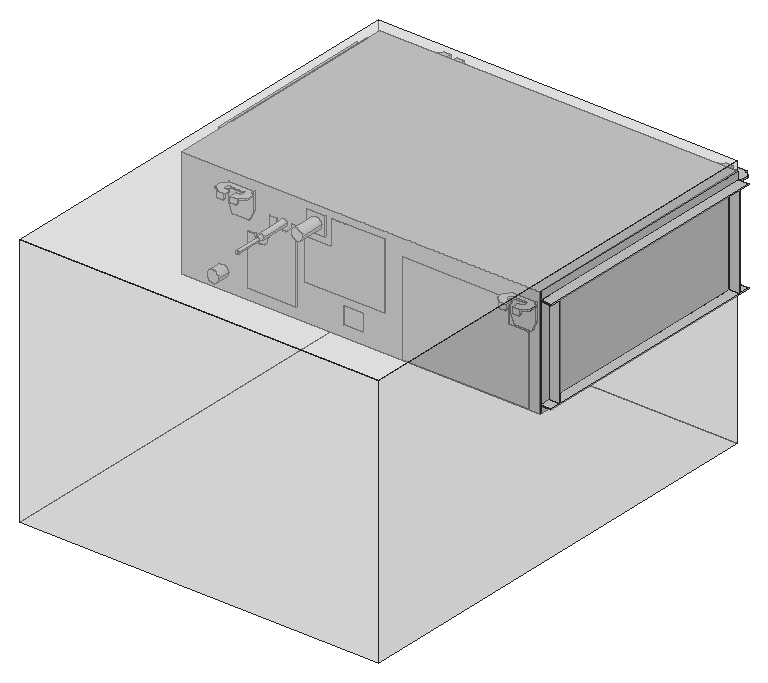
Revit family "outputfile", category 機械設備, Revit 2024
Family settings
  丸型コネクタ寸法 = 半径を使用
  パーツ タイプ = 標準
  OmniClass 番号 = 23.75.10.24.21.27.27
  OmniClass タイトル = Split System Air Conditioning Units
  作業面ベース = いいえ
  常に垂直 = はい
  ロード時にボイドで切り取り = いいえ
  注釈の向きを維持 = いいえ
  共有 = いいえ
  部屋計算ポイント = はい
Parameters (values of type "FXSQ25PAV4")
  Description = ""
  製造元 = "Daikin"
  書き出し IFC クラス(タイプ) = "IfcUnitaryEquipmentType"
  定義済み IFC タイプ(タイプ) = "AIRCONDITIONINGUNIT"
  Cost = 0
  モデル = "FXSQ25PAV4"
  Type Comments = ""
  Keynote = ""
  Type Image = (empty or 0)
  Assembly Code = ""
  r_Liquid Pipe Size = Liquid Pipe Size / 2  # 3.2 mm
  r_Gas Pipe Size = Gas Pipe Size / 2  # 6.35 mm
  r_Drain Pipe Size = Drain Pipe Size / 2  # 12.5 mm
  lw_power = 770.0 mm  # constant formula
  lh_SA = 138.0 mm  # constant formula
  lw_SA = if(Depth = 550.0 mm, 225.0 mm, if(Depth = 700.0 mm, 300.0 mm, if(Depth = 1000.0 mm, 450.0 mm, if(Depth = 1400.0 mm, 650.0 mm, 725.0 mm))))  # 225.0 mm
  lw_RA = if(Depth = 550.0 mm, 275.0 mm, if(Depth = 700.0 mm, 349.0 mm, if(Depth = 1000.0 mm, 499.0 mm, if(Depth = 1400.0 mm, 699.0 mm, 775.0 mm))))  # 275.0 mm
  lh_power = 60.0 mm + [h***]  # 60.0 mm
  lh_mountinghole1 = lh_mountinghole + [h***]  # 222.0 mm
  lh_RA = 123.0 mm  # constant formula
  ld_power = Depth / 2  # 275.0 mm
  Voltage_comment_60Hz = "220"
  Voltage_comment_50Hz = "220-240"
  Voltage_60Hz = 220 V
  Voltage_50Hz = 220 V
  URL = ""
  Supply Air Direction [instance] = yes
  Sound Power Level_H speed (dB) = 61
  Phase_60Hz = 1
  Phase_50Hz = 1
  Minimum External Static Pressure = 30.00 Pa
  Minimum Circuit Amps_60Hz = 0.8 A
  Minimum Circuit Amps_50Hz = 0.8 A
  Maximum Fuse Amps_60Hz = 16.0 A
  Maximum Fuse Amps_50Hz = 16.0 A
  Maximum External Static Pressure = 150.00 Pa
  Material_Casing = DAIKIN_GalvanizedSteel_Casing_indoorunit
  lw_mountinghole = 630.0 mm  # constant formula
  lh_gaspipe = 183.0 mm + [h***]  # 183.0 mm
  lh_mountinghole = 222.0 mm  # constant formula
  lh_liquidpipe = 136.0 mm + [h***]  # 136.0 mm
  lh_drainpipe = 207.0 mm + [h***]  # 207.0 mm
  lh_antena = Height - lh_mountinghole + 1.0 mm  # 24.0 mm
  ld_drainpipe = Depth / 2 + 53.0 mm  # 328.0 mm
  ld_liquidpipe = Depth / 2 + 69.0 mm  # 344.0 mm
  ld_gaspipe = Depth / 2 + 65.0 mm  # 340.0 mm
  ld_mountinghole = Depth + 38.0 mm  # 588.0 mm
  h*** = 0.0 mm  # constant formula
  lw_liquidpipe = 179.0 mm  # constant formula
  lw_gaspipe = 229.0 mm  # constant formula
  lw_drainpipe = 300.0 mm  # constant formula
  Width = 800.0 mm
  Version = "ver.1.0"
  Unit Type = "Middle Static Pressure Duct Type"
  Unit Mass Weight = 25.00 kg
  Unit Designation [instance] = ""
  Uniclass2015Version = "Products v1.30"
  Uniclass2015Title = "Variable refrigerant flow units"
  Uniclass2015Code = "Pr_70_65_03_94"
  Total Heating Capacity [instance] = 0.000 kW
  Total Cooling Capacity [instance] = 0.000 kW
  Sound Pressure Level_M speed (dBA) = 0
  Sound Pressure Level_L speed (dBA) = 28
  Sound Pressure Level_H speed (dBA) = 33
  Series = "VRV Fan Coil Unit"
  Sensible Cooling Capacity [instance] = 0.000 kW
  SA Duct Size Width = if(Depth = 550.0 mm, 337.0 mm, if(Depth = 700.0 mm, 492.0 mm, if(Depth = 1000.0 mm, 792.0 mm, if(Depth = 1400.0 mm, 1192.0 mm, 1337.0 mm))))  # 337.0 mm
  SA Duct Size Height = 176.0 mm
  Refrigerant Type = "R410A"
  RA Duct Size Width = if(Depth = 550.0 mm, 502.0 mm, if(Depth = 700.0 mm, 654.0 mm, if(Depth = 1000.0 mm, 952.0 mm, if(Depth = 1400.0 mm, 1352.0 mm, 1502.0 mm))))  # 502.0 mm
  RA Duct Size Height = 208.0 mm
  Power Input (Heating) = 0.099 kW
  Power Input (Cooling) = 0.104 kW
  Option Accessory 3 [instance] = ""
  Option Accessory 2 [instance] = ""
  Option Accessory 1 [instance] = ""
  Nominal Heating Capacity = 3.200 kW
  Nominal Cooling Capacity = 2.800 kW
  Minimum Airflow = 390.00 m³/h
  Median Airflow = 450.00 m³/h
  Maximum Airflow = 540.00 m³/h
  Load Classification = HVAC
  Liquid Pipe Size = 6.4 mm
  Link_Nested Family [instance] = ""
  IfcVersion = "0"
  IfcExportType = "AIRCONDITIONINGUNIT"
  IfcExportAs = "IfcUnitaryEquipmentType"
  Height = 245.0 mm
  Heating Entering Wet Bulb Temperature [instance] = 0.00 °C
  Heating Entering Dry Bulb Temperature [instance] = 0.00 °C
  Heating Ambient Wet Bulb Temperature [instance] = 0.00 °C
  Heating Ambient Dry Bulb Temperature [instance] = 0.00 °C
  Heat Exchanger Type = "Cross Fin Coil"
  Gas Pipe Size = 12.7 mm
  Frequency_60Hz = 60 Hz
  Frequency_50Hz = 50 Hz
  Fan Type = "Sirocco Fan"
  Fan Drive = "Direct Drive"
  FCU Tag No. [instance] = ""
  Drain Pipe Size = 25.0 mm
  Design Supply Airflow [instance] = 0.00 m³/h
  Design Return Airflow [instance] = 0.00 m³/h
  Design External Static Pressure [instance] = 0.00 Pa
  Depth = 550.0 mm
  既定の高さ = 0.0 mm
  Cooling Entering Wet Bulb Temperature [instance] = 0.00 °C
  Cooling Entering Dry Bulb Temperature [instance] = 0.00 °C
  Cooling Ambient Wet Bulb Temperature [instance] = 0.00 °C
  Cooling Ambient Dry Bulb Temperature [instance] = 0.00 °C
  Clearance visibility [instance] = yes
  Clearance Top = 20.0 mm
  Clearance Right = 0.0 mm
  Clearance Rear = 0.0 mm
  Clearance Left = 0.0 mm
  Clearance Front = 450.0 mm
  Clearance Bottom = 300.0 mm
Reference planes
  plane 1 "Center (Front/Back)": y = 0
  plane 2 "h": z = 0
  plane 3 "Center (Left/Right)": x = 0
  plane 4 "Back": y = 275
  plane 5 "Front": y = -275
  plane 6 "Left": x = -400
  plane 7 "Reight": x = 400
  plane 8 "Top": z = 0
  plane 9 "Bottom": z = -245
  plane 10: y = -215
  plane 11: y = 275
  plane 12: y = -725
  plane 13: x = -400
  plane 14: x = 400
  plane 15: z = 20
  plane 16: z = -545
  plane 17: x = -400
  plane 18: x = -399
  plane 19: x = 399
  plane 20: y = 50
  plane 21: y = 0
  plane 22: z = -122
  plane 23: y = -276
  plane 24: z = -109
  plane 25: x = -221
  plane 26: y = -340
  plane 27: z = -62
  plane 28: x = -171
  plane 29: y = -328
  plane 30: z = -38
  plane 31: x = -100
  plane 32: x = -100
  plane 33: x = -221
  plane 34: x = -171
  plane 35: x = 370
  plane 36: x = -266
  plane 37: x = 364
  plane 38: y = -294
  plane 39: y = 294
  plane 40: z = -23
  plane 41: z = -107
  plane 42: y = -344
  plane 43: z = -207
  plane 44: x = -309
  plane 45: y = -301
  plane 46: x = -251
  plane 47: x = -203
  plane 48: x = -144
  plane 49: z = -59
  plane 50: z = -106
  plane 51: z = -221
  plane 52: z = -109
  plane 53: x = -221
  plane 54: z = -62
  plane 55: x = -171
  plane 56: z = -17
  plane 57: z = -59
  plane 58: x = -121
  plane 59: x = -79
  plane 60: x = -125
  plane 61: x = -64
  plane 62: x = 53
  plane 63: z = -164
  plane 64: z = -73
  plane 65: z = -16
  plane 66: x = 93.5
  plane 67: x = 374.5
  plane 68: x = 330
  plane 69: z = -88.5
  plane 70: z = -38
  plane 71: z = -242.5
  plane 72: x = -38.5
  plane 73: x = 6.5
  plane 74: z = -181
  plane 75: z = -221
  plane 76: y = -274
  plane 77: x = -424
  plane 78: x = 424
Forms (mm)
  Extrusion 1, solid, material "DAIKIN_GalvanizedSteel_Casing_indoorunit" <- "Material_Casing"
    sketch origin (0, 0, 0) x (1, 0, 0) y (0, 1, 0)
      loop
        line (-399, 275) -> (-399, -275) -> (399, -275) -> (399, 275) -> (-399, 275)
    from -245 to 0
  Extrusion 2, solid, material "DAIKIN_GalvanizedSteel_Casing_indoorunit" <- "Material_Casing"
    sketch origin (0, 0, 0) x (1, 0, 0) y (0, 0, 1)
      loop
        line (-251, -221) -> (-144, -221) -> (-144, -59) -> (-154.47, -59)
        arc (-154.47, -59) -> (-171, -78.8) -> (-187.53, -59) r 16.8
        line (-187.53, -59) -> (-203, -59) -> (-203, -106) -> (-206.916, -106)
        arc (-206.916, -106) -> (-221, -123.4) -> (-235.084, -106) r 14.4
        line (-235.084, -106) -> (-251, -106) -> (-251, -221)
    from 275 to 276
  Extrusion 3, solid, material "DAIKIN_GalvanizedSteel_Casing_indoorunit" <- "Material_Casing"
    sketch origin (0, 0, 0) x (1, 0, 0) y (0, 0, 1)
      loop
        line (-121, -17) -> (-121, -59) -> (-79, -59) -> (-79, -17) -> (-121, -17)
      loop
        line (-125, -73) -> (-125, -164) -> (53, -164) -> (53, -16) -> (-64, -16) -> (-64, -73) -> (-125, -73)
    from 275 to 276
  Extrusion 4, solid, material "DAIKIN_GalvanizedSteel_Casing_indoorunit" <- "Material_Casing"
    sketch origin (0, 0, 0) x (1, 0, 0) y (0, 0, 1)
      loop
        line (93.5, -38) -> (93.5, -242.5) -> (374.5, -242.5) -> (374.5, -88.5) -> (330, -88.5) -> (330, -38) -> (93.5, -38)
    from 275 to 276
  Extrusion 5, solid
    sketch origin (0, 0, 0) x (1, 0, 0) y (0, 0, 1)
      loop
        circle (-221, -109) r 3.2
    from 275 to 344
  Extrusion 6, solid
    sketch origin (0, 0, 0) x (1, 0, 0) y (0, 0, 1)
      loop
        circle (-171, -62) r 6.35
    from 275 to 340
  Extrusion 7, solid
    sketch origin (0, 0, 0) x (1, 0, 0) y (0, 0, 1)
      loop
        circle (-100, -38) r 12.5
    from 276 to 328
  Extrusion 8, solid, material "DAIKIN_GalvanizedSteel_Casing_indoorunit" <- "Material_Casing"
    sketch origin (0, 0, 0) x (1, 0, 0) y (0, 0, 1)
      loop
        circle (-309, -207) r 13
    from 275 to 301
  Extrusion 9, void
    sketch origin (0, 0, 0) x (1, 0, 0) y (0, 0, 1)
      loop
        line (-38.5, -181) -> (-38.5, -221) -> (6.5, -221) -> (6.5, -181) -> (-38.5, -181)
    from 274 to 275
Cuts and joins
  Extrusion 9 cuts Extrusion 1
Dimensions and locks
  "Height": plane 8 "Top" to plane 9 "Bottom"
  equal spacing: plane 4 "Back", plane 1 "Center (Front/Back)", plane 5 "Front"
  "Depth": plane 4 "Back" to plane 5 "Front"
  equal spacing: plane 6 "Left", plane 3 "Center (Left/Right)", plane 7 "Reight"
  "Width": plane 6 "Left" to plane 7 "Reight"
  "Clearance Left": plane 13 to plane 6 "Left"
  "Clearance Right": plane 7 "Reight" to plane 14
  "Clearance Rear": plane 11 to plane 4 "Back"
  "Clearance Front": plane 5 "Front" to plane 12
  "Clearance Top": plane 15 to plane 8 "Top"
  "Clearance Bottom": plane 9 "Bottom" to plane 16
  locked: plane 17 to plane 18 at 1
  locked: plane 19 to plane 14 at 1
  "lw_SA": plane 11 to plane 20
  "lw_RA": plane 21 to plane 5 "Front"
  "lh_RA": plane 22 to plane 9 "Bottom"
  locked: plane 5 "Front" to plane 23 at 1
  "lw_liquidpipe": plane 25 to plane 6 "Left"
  "lh_liquidpipe": plane 24 to plane 9 "Bottom"
  "lh_gaspipe": plane 27 to plane 9 "Bottom"
  "lw_gaspipe": plane 28 to plane 6 "Left"
  "ld_gaspipe": plane 26 to plane 1 "Center (Front/Back)"
  "ld_drainpipe": plane 29 to plane 1 "Center (Front/Back)"
  "lh_drainpipe": plane 30 to plane 9 "Bottom"
  "lw_drainpipe": plane 31 to plane 6 "Left"
  "lw_drainpipe": plane 6 "Left" to plane 32
  "lw_liquidpipe": plane 6 "Left" to plane 33
  "lw_gaspipe": plane 6 "Left" to plane 34
  "lw_power": plane 6 "Left" to plane 35
  locked: plane 17 to plane 36 at 134
  "lw_mountinghole": plane 36 to plane 37
  equal spacing: plane 38, plane 1 "Center (Front/Back)", plane 39
  "ld_mountinghole": plane 39 to plane 38
  "lh_mountinghole": plane 40 to plane 9 "Bottom"
  "lh_SA": plane 41 to plane 9 "Bottom"
  "ld_liquidpipe": plane 21 to plane 42
  locked: plane 44 to plane 6 "Left" at 91
  locked: plane 43 to plane 9 "Bottom" at 38
  locked: plane 5 "Front" to plane 45 at 26
  plane 48 to plane 47 to plane 46 to plane 6 "Left" = 59.0 mm, 48.0 mm, 149.0 mm
  plane 8 "Top" to plane 49 to plane 50 to plane 51 = 59.0 mm locked, 47.0 mm locked, 115.0 mm locked
  plane 55 to plane 53 to plane 6 "Left" = 50.0 mm locked, 179.0 mm locked
  plane 54 to plane 52 to plane 9 "Bottom" = 47.0 mm locked, 136.0 mm locked
  plane 59 to plane 58 to plane 6 "Left" = 42.0 mm locked, 279.0 mm locked
  plane 8 "Top" to plane 56 to plane 57 = 17.0 mm locked, 42.0 mm locked
  plane 62 to plane 61 to plane 60 to plane 6 "Left" = 117.0 mm, 61.0 mm, 275.0 mm
  plane 8 "Top" to plane 65 to plane 64 = 16.0 mm locked, 57.0 mm locked
  locked: plane 65 to plane 63 at 148
  plane 8 "Top" to plane 70 to plane 69 to plane 71 = 38.0 mm locked, 50.5 mm locked, 154.0 mm locked
  plane 67 to plane 68 to plane 66 to plane 6 "Left" = 44.5 mm locked, 236.5 mm locked, 493.5 mm locked
  plane 8 "Top" to plane 74 to plane 75 = 181.0 mm locked, 40.0 mm locked
  plane 73 to plane 72 to plane 6 "Left" = 45.0 mm, 361.5 mm
  locked: plane 76 to plane 5 "Front" at 1
  locked: plane 77 to plane 17 at 24
  locked: plane 14 to plane 78 at 24
  locked: Extrusion 4 sketch curve to plane 9 "Bottom" at 2.5
  "r_Liquid Pipe Size": radius of Extrusion 5 sketch curve
  "r_Gas Pipe Size": radius of Extrusion 6 sketch curve
  "r_Drain Pipe Size": radius of Extrusion 7 sketch curve
  aligned and locked: level to plane 2 "h"
  aligned and locked: plane 8 "Top" to Extrusion 1
  aligned and locked: Extrusion 1 to plane 9 "Bottom"
  aligned and locked: nested 5 to plane 12
  aligned and locked: plane 13 to nested 5
  aligned and locked: plane 14 to nested 5
  aligned and locked: nested 5 to plane 13
  aligned and locked: plane 11 to nested 5
  aligned and locked: plane 15 to nested 5
  aligned and locked: plane 16 to nested 5
  aligned and locked: plane 5 "Front" to Extrusion 1 sketch curve
  aligned and locked: Extrusion 1 to plane 18
  aligned and locked: plane 19 to Extrusion 1
  aligned and locked: nested 7 to plane 18
  aligned and locked: nested 7 to plane 20
  aligned and locked: plane 19 to nested 8
  aligned and locked: plane 21 to nested 8
  aligned and locked: plane 22 to nested 8
  aligned and locked: Extrusion 2 to plane 23
  aligned and locked: plane 5 "Front" to Extrusion 2
  aligned and locked: Extrusion 3 to plane 23
  aligned and locked: plane 5 "Front" to Extrusion 3
  aligned and locked: plane 5 "Front" to Extrusion 4
  aligned and locked: Extrusion 5 sketch curve to plane 25
  aligned and locked: plane 24 to Extrusion 5 sketch curve
  aligned and locked: plane 5 "Front" to Extrusion 5
  aligned and locked: Extrusion 6 sketch curve to plane 28
  aligned and locked: plane 27 to Extrusion 6 sketch curve
  aligned and locked: plane 5 "Front" to Extrusion 6
  aligned and locked: Extrusion 7 sketch curve to plane 31
  aligned and locked: Extrusion 7 sketch curve to plane 30
  aligned and locked: Extrusion 7 to plane 29
  aligned and locked: plane 23 to Extrusion 7
  aligned and locked: nested 3 to plane 29
  aligned and locked: plane 32 to nested 3
  aligned and locked: nested 2 to plane 33
  aligned and locked: nested 1 to plane 34
  aligned and locked: Extrusion 6 to plane 26
  aligned and locked: nested 1 to plane 26
  aligned and locked: nested 6 to plane 5 "Front"
  aligned and locked: plane 35 to nested 6
  aligned and locked: plane 36 to nested 10
  aligned and locked: nested 10 to plane 5 "Front"
  aligned and locked: plane 37 to nested 9
  aligned and locked: nested 9 to plane 5 "Front"
  aligned and locked: nested 11 to plane 36
  aligned and locked: plane 4 "Back" to nested 11
  aligned and locked: nested 12 to plane 37
  aligned and locked: plane 4 "Back" to nested 12
  aligned and locked: plane 40 to nested 10
  aligned and locked: plane 40 to nested 11
  aligned and locked: plane 40 to nested 9
  aligned and locked: plane 40 to nested 12
  aligned and locked: plane 36 to nested 14
  aligned and locked: nested 14 to plane 39
  aligned and locked: plane 37 to nested 13
  aligned and locked: nested 13 to plane 39
  aligned and locked: plane 37 to nested 16
  aligned and locked: plane 38 to nested 16
  aligned and locked: plane 38 to nested 15
  aligned and locked: plane 36 to nested 15
  aligned and locked: plane 17 to plane 6 "Left"
  aligned and locked: plane 41 to nested 7
  aligned and locked: Extrusion 5 to plane 42
  aligned and locked: nested 2 to plane 42
  aligned and locked: Extrusion 8 sketch curve to plane 44
  aligned and locked: plane 43 to Extrusion 8 sketch curve
  aligned and locked: plane 5 "Front" to Extrusion 8
  aligned and locked: plane 45 to Extrusion 8
  aligned and locked: Extrusion 3 sketch curve to plane 56
  aligned and locked: Extrusion 3 sketch curve to plane 58
  aligned and locked: plane 57 to Extrusion 3 sketch curve
  aligned and locked: plane 59 to Extrusion 3 sketch curve
  aligned and locked: Extrusion 4 to plane 23
  aligned and locked: Extrusion 9 sketch curve to plane 74
  aligned and locked: plane 75 to Extrusion 9 sketch curve
  aligned and locked: plane 73 to Extrusion 9 sketch curve
  aligned and locked: plane 5 "Front" to Extrusion 9
  aligned and locked: plane 76 to Extrusion 9
  aligned and locked: nested 17 to plane 20
  aligned and locked: nested 17 to plane 77
  aligned and locked: plane 21 to nested 18
  aligned and locked: plane 78 to nested 18
  aligned and locked: plane 41 to nested 17
  aligned and locked: nested 18 to plane 22
  aligned and locked: nested 4 to plane 3 "Center (Left/Right)"
  aligned and locked: plane 1 "Center (Front/Back)" to nested 4
  aligned and locked: level to plane 8 "Top"
Automatic sketch dimensions
  plane 6 "Left" to Extrusion 1 sketch curve = 1.0 mm
  Extrusion 1 sketch curve to plane 7 "Reight" = 1.0 mm
  Extrusion 1 sketch curve to plane 4 "Back" = 0.0 mm
  Extrusion 2 sketch curve to plane 46 = 0.0 mm
  Extrusion 2 sketch curve to plane 33 = 0.0 mm
  Extrusion 2 sketch curve to plane 47 = 0.0 mm
  Extrusion 2 sketch curve to plane 34 = 0.0 mm
  Extrusion 2 sketch curve to plane 48 = 0.0 mm
  Extrusion 2 sketch curve to plane 52 = 0.0 mm
  Extrusion 2 sketch curve to plane 50 = 0.0 mm  (x3)
  Extrusion 2 sketch curve to plane 54 = 0.0 mm
  Extrusion 2 sketch curve to plane 49 = 0.0 mm  (x3)
  plane 33 to Extrusion 2 sketch curve = 14.084 mm
  plane 34 to Extrusion 2 sketch curve = 16.53 mm
  Extrusion 3 sketch curve to plane 60 = 0.0 mm
  Extrusion 3 sketch curve to plane 61 = 0.0 mm
  Extrusion 3 sketch curve to plane 62 = 0.0 mm
  Extrusion 3 sketch curve to plane 64 = 0.0 mm
  Extrusion 3 sketch curve to plane 65 = 0.0 mm
  Extrusion 4 sketch curve to plane 66 = 0.0 mm
  Extrusion 4 sketch curve to plane 68 = 0.0 mm
  Extrusion 4 sketch curve to plane 67 = 0.0 mm
  Extrusion 4 sketch curve to plane 69 = 0.0 mm
  Extrusion 4 sketch curve to plane 70 = 0.0 mm
  Extrusion 9 sketch curve to plane 72 = 0.0 mm
  Extrusion 2 sketch curve to plane 51 = 0.0 mm
  Extrusion 3 sketch curve to plane 63 = 0.0 mm
  radius of Extrusion 8 sketch curve = 13.0 mm
Nested families
  nested 1: "daikin_connector_rotate2" at (-171, 0, -62), length <- "ld_gaspipe", built-in parameter 1001364 <- "lh_gaspipe", radius <- "r_Gas Pipe Size", type "daikin_connector_rotate2"
    with radius 6.35 mm, length 340.0 mm, angle_vertical 90.00°
  nested 2: "daikin_connector_rotate2" at (-221, 0, -109), length <- "ld_liquidpipe", built-in parameter 1001364 <- "lh_liquidpipe", radius <- "r_Liquid Pipe Size", type "daikin_connector_rotate2"
    with radius 3.2 mm, length 344.0 mm, angle_vertical 90.00°
  nested 3: "daikin_connector_rotate2" at (-100, 0, -38), length <- "ld_drainpipe", built-in parameter 1001364 <- "lh_drainpipe", radius <- "r_Drain Pipe Size", type "daikin_connector_rotate2"
    with radius 12.5 mm, length 328.0 mm, angle_vertical 90.00°
  nested 4: "daikin_△_symbolicline" at (0, 0, 245) x (0, -1, 0) z (0, 0, 1), built-in parameter 1001364 <- "Height", visible <- "Supply Air Direction", type "daikin_△_symbolicline"
    with length 200.0 mm
  nested 5: "daikin_clearancespace" at (0, -225, -262.381), visible <- "Clearance visibility", show <- "Clearance visibility", Link_Nested Family <- "Link_Nested Family", type "daikin_clearancespace"
    with width 800.0 mm, show yes, height 565.0 mm, depth 1000.0 mm, Link_Nested Family ""
  nested 6: "daikin_connector_rotate2" at (370, 0, -185), built-in parameter 1001364 <- "lh_power", length <- "ld_power", type "daikin_connector_rotate2"
    with radius 10.0 mm, length 275.0 mm, angle_vertical 90.00°
  nested 7: "daikin_ductflange_FXSQ-PAV4_2" at (-399, 50, -107) x (0, -1, 0) z (0, 0, 1), type "daikin_ductflange_FXSQ-PAV4_2"
  nested 8: "daikin_ductflange_FXSQ-PAV4_1" at (399, 0, -122) x (0, 1, 0) z (0, 0, 1), type "daikin_ductflange_FXSQ-PAV4_1"
  nested 9: "daikin_hangerfixture_FXSQ-PAV4" at (364, -275, -23), type "daikin_hangerfixture_FXSQ-PAV4"
  nested 10: "daikin_hangerfixture_FXSQ-PAV4" at (-266, -275, -23), type "daikin_hangerfixture_FXSQ-PAV4"
  nested 11: "daikin_hangerfixture_FXSQ-PAV4" at (-266, 275, -23) x (-1, 0, 0) z (0, 0, 1), type "daikin_hangerfixture_FXSQ-PAV4"
  nested 12: "daikin_hangerfixture_FXSQ-PAV4" at (364, 275, -23) x (-1, 0, 0) z (0, 0, 1), type "daikin_hangerfixture_FXSQ-PAV4"
  nested 13: "daikin_mountinghole" at (364, 294, -245), h_mountinghole <- "lh_mountinghole1", l_antenna <- "lh_antena", Link_Nested Family <- "Link_Nested Family", type "daikin_mountinghole"
    with show yes, l_antenna 24.0 mm, h_mountinghole 222.0 mm, Link_Nested Family ""
  nested 14: "daikin_mountinghole" at (-266, 294, -245), h_mountinghole <- "lh_mountinghole1", l_antenna <- "lh_antena", Link_Nested Family <- "Link_Nested Family", type "daikin_mountinghole"
    with show yes, l_antenna 24.0 mm, h_mountinghole 222.0 mm, Link_Nested Family ""
  nested 15: "daikin_mountinghole" at (-266, -294, -245), h_mountinghole <- "lh_mountinghole1", l_antenna <- "lh_antena", Link_Nested Family <- "Link_Nested Family", type "daikin_mountinghole"
    with show yes, l_antenna 24.0 mm, h_mountinghole 222.0 mm, Link_Nested Family ""
  nested 16: "daikin_mountinghole" at (364, -294, -245), h_mountinghole <- "lh_mountinghole1", l_antenna <- "lh_antena", Link_Nested Family <- "Link_Nested Family", type "daikin_mountinghole"
    with show yes, l_antenna 24.0 mm, h_mountinghole 222.0 mm, Link_Nested Family ""
  nested 17: "daikin_connector_rotate2" at (-400, 50, -107) x (0, -1, 0) z (0, 0, 1), type "daikin_connector_rotate2"
    with radius 10.0 mm, length 24.0 mm, angle_vertical 90.00°
  nested 18: "daikin_connector_rotate2" at (400, 0, -122) x (0, 1, 0) z (0, 0, 1), type "daikin_connector_rotate2"
    with radius 10.0 mm, length 24.0 mm, angle_vertical 90.00°
Connectors
  piping at (-100, -328, -38), diameter 25, driven by "r_Drain Pipe Size"
    settings: on nested 3, index 3, connector inside diameter 609.6 mm, connector length 0.0 mm, flow factor 0, pipe flow 0.00 m³/h, pressure drop 0.0 Pa, fitting loss kfactor 0, connector angle 0.00°, fixture units 0, engagement length 0.0 mm, angle of deflection 0.00°, flow configuration 1, flow direction 2, fitting loss method 4, system type 16, joint type 0, gender type 0, connector reference index -1, connector utility 0, adjustable connector no, is connector primary yes, connector description "Condensate Drain Piping"
  piping at (-171, -340, -62), diameter 12.7, driven by "r_Gas Pipe Size"
    settings: on nested 1, index 4, connector inside diameter 609.6 mm, connector length 0.0 mm, flow factor 0, pipe flow 0.00 m³/h, pressure drop 0.0 Pa, fitting loss kfactor 0, connector angle 0.00°, fixture units 0, engagement length 0.0 mm, angle of deflection 0.00°, flow configuration 1, flow direction 2, fitting loss method 0, system type 29, joint type 0, gender type 0, connector reference index -1, connector utility 0, adjustable connector no, is connector primary no, connector description "Refrigerant Gas Piping"
  piping at (-221, -344, -109), diameter 6.4, driven by "r_Liquid Pipe Size"
    settings: on nested 2, index 5, connector inside diameter 609.6 mm, connector length 0.0 mm, flow factor 0, pipe flow 0.00 m³/h, pressure drop 0.0 Pa, fitting loss kfactor 0, connector angle 0.00°, fixture units 0, engagement length 0.0 mm, angle of deflection 0.00°, flow configuration 1, flow direction 1, fitting loss method 0, system type 29, joint type 0, gender type 0, connector reference index -1, connector utility 0, adjustable connector no, is connector primary no, connector description "Refrigerant Liquid Piping"
  electrical at (370, -275, -185), driven by "Load Classification"
    settings: on nested 6, index 6, voltage 0 V, apparent load 0 VA, apparent load phase1 0 VA, apparent load phase2 0 VA, apparent load phase3 0 VA, power factor 1, load classification "HVAC", number of poles 1, system type 30, power factor state 1, is connector primary yes, connector utility no, sub classification motor no, connector description "Power Supply"
  hvac at (-424, 50, -107), driven by "SA Duct Size Height", driven by "SA Duct Size Width"
    settings: on nested 17, index 7, duct flow 0.00 m³/h, flow factor 0, pres drop 0.00 Pa, loss coef 0, conn angle 0.00°, conn width 337.0 mm, conn height 176.0 mm, conn diameter 609.6 mm, duct sys type 1, conn prof type 1, flow config 0, flow direction 2, loss method 4, conn ref index -1, conn util no, is conn primary yes, conn desc "SA Duct"
  hvac at (424, 0, -122), driven by "RA Duct Size Height", driven by "RA Duct Size Width"
    settings: on nested 18, index 8, duct flow 0.00 m³/h, flow factor 0, pres drop 0.00 Pa, loss coef 0, conn angle 0.00°, conn width 502.0 mm, conn height 208.0 mm, conn diameter 609.6 mm, duct sys type 2, conn prof type 1, flow config 0, flow direction 1, loss method 4, conn ref index -1, conn util no, is conn primary no, conn desc "RA Duct"
Definition of nested family "daikin_clearancespace"
  Parameters (values of type "daikin_clearancespace")
    width [instance] = 1823.963 mm
    show [instance] = yes
    material = none
    height [instance] = 1359.762 mm
    depth [instance] = 880.0 mm
    Default Elevation = 0.0 mm
    Link_Nested Family [instance] = ""
  Reference planes
    plane 1 "Center (Front/Back)": y = 0
    plane 2 "Center (Elevation)": z = -0.119
    plane 3 "Center (Left/Right)": x = 0
    plane 4: y = 440
    plane 5: y = -440
    plane 6 "Right": x = 911.982
    plane 7 "Left": x = -911.982
    plane 8 "Top": z = 679.762
    plane 9 "Bottom": z = -680
  Forms (mm)
    Extrusion 1, solid, material <- "material", visible <- "show"
      sketch origin (0, 0, 0) x (1, 0, 0) y (0, 1, 0)
        loop
          line (-911.982, 440) -> (-911.982, -440) -> (911.982, -440) -> (911.982, 440) -> (-911.982, 440)
      from -680 to 679.762
  Lines and regions (mm)
    symbolic lines, visible <- "show"
      curve 1: line (911.982, 440, 0) -> (-911.982, 440, 0)
      curve 2: line (-911.982, 440, 0) -> (-911.982, -440, 0)
      curve 3: line (-911.982, -440, 0) -> (911.982, -440, 0)
      curve 4: line (911.982, -440, 0) -> (911.982, 440, 0)
      curve 5: line (911.982, 0, 679.762) -> (-911.982, 0, 679.762)
      curve 6: line (911.982, 0, -680) -> (911.982, 0, 679.762)
      curve 7: line (-911.982, 0, -680) -> (911.982, 0, -680)
      curve 8: line (-911.982, 0, 679.762) -> (-911.982, 0, -680)
      curve 9: line (0, 440, 679.762) -> (0, -440, 679.762)
      curve 10: line (0, -440, 679.762) -> (0, -440, -680)
      curve 11: line (0, 440, -680) -> (0, 440, 679.762)
      curve 12: line (0, -440, -680) -> (0, 440, -680)
  Dimensions and locks
    "width": plane 7 "Left" to plane 6 "Right"
    "depth": plane 4 to plane 5
    "height": plane 8 "Top" to plane 9 "Bottom"
    equal spacing: plane 7 "Left", plane 3 "Center (Left/Right)", plane 6 "Right"
    equal spacing: plane 4, plane 1 "Center (Front/Back)", plane 5
    equal spacing: plane 8 "Top", plane 2 "Center (Elevation)", plane 9 "Bottom"
    aligned and locked: level to plane 2 "Center (Elevation)"
    aligned and locked: Extrusion 1 sketch curve to plane 4
    aligned and locked: plane 7 "Left" to Extrusion 1 sketch curve
    aligned and locked: Extrusion 1 sketch curve to plane 5
    aligned and locked: Extrusion 1 sketch curve to plane 6 "Right"
    aligned and locked: plane 8 "Top" to Extrusion 1
    aligned and locked: curve 1 to Extrusion 1
    aligned and locked: curve 2 to Extrusion 1
    aligned and locked: curve 3 to Extrusion 1
    aligned and locked: curve 4 to Extrusion 1
    aligned and locked: curve 5 to Extrusion 1
    aligned and locked: curve 6 to Extrusion 1
    aligned and locked: curve 7 to Extrusion 1
    aligned and locked: curve 8 to Extrusion 1
    aligned and locked: curve 9 to Extrusion 1
    aligned and locked: curve 10 to Extrusion 1
    aligned and locked: curve 11 to Extrusion 1
    aligned and locked: curve 12 to Extrusion 1
    aligned and locked: Extrusion 1 to plane 9 "Bottom"
Definition of nested family "daikin_ductflange_FXSQ-PAV4_2"
  Parameters (values of type "daikin_ductflange_FXMQ-PAVE2")
    width = if(w = 550.0 mm, 337.0 mm, if(w = 700.0 mm, 492.0 mm, if(w = 1000.0 mm, 792.0 mm, if(w = 1400.0 mm, 1192.0 mm, 1337.0 mm))))  # 337.0 mm
    material = none
    height = 215.0 mm
    depth = 1.0 mm
    w = 550.0 mm
    Default Elevation = 0.0 mm
  Reference planes
    plane 1 "Center (Front/Back)": y = 0
    plane 2: z = 0
    plane 3 "Center (Left/Right)": x = 0
    plane 4: z = 88
    plane 5: z = -88
    plane 6: y = -25
    plane 7: z = 106
    plane 8: z = 89
    plane 9: y = -1
    plane 10: x = -192.5
    plane 11: x = 192.5
    plane 12: z = -106
    plane 13: z = -89
    plane 14: y = -1
    plane 15: x = 168.5
    plane 16: x = -168.5
    plane 17: x = 169.5
    plane 18: z = 87
    plane 19: z = -87
    plane 20: x = -169.5
    plane 21: z = 87
    plane 22: z = -87
    plane 23: y = -1
  Forms (mm)
    Extrusion 1, solid, material <- "material"
      sketch origin (0, 0, 0) x (0, 1, 0) y (0, 0, 1)
        loop
          line (-25, 88) -> (0, 88) -> (0, 106) -> (-1, 106) -> (-1, 89) -> (-25, 89) -> (-25, 88)
      from -192.5 to 192.5
    Extrusion 2, solid, material <- "material"
      sketch origin (0, 0, 0) x (0, 1, 0) y (0, 0, 1)
        loop
          line (-25, -88) -> (-25, -89) -> (-1, -89) -> (-1, -106) -> (0, -106) -> (0, -88) -> (-25, -88)
      from -192.5 to 192.5
    Extrusion 3, solid, material <- "material"
      sketch origin (0, 0, 0) x (1, 0, 0) y (0, 0, 1)
        loop
          line (168.5, 88) -> (168.5, -88) -> (192.5, -88) -> (192.5, -87) -> (169.5, -87) -> (169.5, 87) -> (192.5, 87) -> (192.5, 88) -> (168.5, 88)
      from 0 to 25
    Extrusion 4, solid, material <- "material"
      sketch origin (0, 0, 0) x (1, 0, 0) y (0, 0, 1)
        loop
          line (-192.5, 88) -> (-192.5, 87) -> (-169.5, 87) -> (-169.5, -87) -> (-192.5, -87) -> (-192.5, -88) -> (-168.5, -88) -> (-168.5, 88) -> (-192.5, 88)
      from 0 to 25
    Extrusion 5, solid, material <- "material"
      sketch origin (0, 0, 0) x (1, 0, 0) y (0, 0, 1)
        loop
          line (-192.5, 88) -> (-192.5, -88) -> (-168.5, -88) -> (-168.5, 88) -> (-192.5, 88)
        loop
          line (192.5, 88) -> (168.5, 88) -> (168.5, -88) -> (192.5, -88) -> (192.5, 88)
      from 0 to 1
  Cuts and joins
    joined: Extrusion 1, Extrusion 2, Extrusion 3, Extrusion 4, Extrusion 5
  Dimensions and locks
    plane 4 to level to plane 5 = 88.0 mm, 88.0 mm
    locked: plane 6 to plane 1 "Center (Front/Back)" at 25
    locked: plane 9 to plane 1 "Center (Front/Back)" at 1
    locked: plane 8 to plane 4 at 1
    locked: plane 16 to plane 10 at 24
    locked: plane 17 to plane 15 at 1
    locked: plane 4 to plane 18 at 1
    locked: plane 19 to plane 5 at 1
    "width": plane 15 to plane 16
    plane 4 to plane 5 = 176.0 mm
    locked: plane 16 to plane 20 at 1
    locked: plane 4 to plane 21 at 1
    locked: plane 22 to plane 5 at 1
    locked: plane 23 to plane 1 "Center (Front/Back)" at 1
    plane 4 to level to plane 5 = 88.0 mm locked, 88.0 mm locked
    locked: plane 5 to plane 13 at 1
    locked: plane 5 to plane 12 at 18
    locked: plane 7 to plane 4 at 18
    equal spacing: plane 15, plane 3 "Center (Left/Right)", plane 16
    locked: plane 11 to plane 15 at 24
    plane 11 to plane 10 = 385.0 mm
    aligned and locked: level to plane 2
    aligned and locked: Extrusion 1 to plane 10
    aligned and locked: plane 11 to Extrusion 1
    aligned and locked: plane 5 to Extrusion 2
    aligned and locked: Extrusion 2 to plane 1 "Center (Front/Back)"
    aligned and locked: plane 15 to Extrusion 3 sketch curve
    aligned and locked: Extrusion 3 sketch curve to Extrusion 2  (x2)
    aligned and locked: Extrusion 3 sketch curve to plane 11
    aligned and locked: plane 6 to Extrusion 3
    aligned and locked: Extrusion 2 to plane 10
    aligned and locked: plane 11 to Extrusion 2
    aligned and locked: Extrusion 4 sketch curve to Extrusion 1  (x2)
    aligned and locked: plane 5 to Extrusion 4 sketch curve
    aligned and locked: Extrusion 4 sketch curve to plane 16
    aligned and locked: Extrusion 4 sketch curve to plane 22
    aligned and locked: plane 20 to Extrusion 4 sketch curve
    aligned and locked: plane 21 to Extrusion 4 sketch curve
    aligned and locked: Extrusion 4 to plane 1 "Center (Front/Back)"
    aligned and locked: plane 6 to Extrusion 4
    aligned and locked: Extrusion 5 sketch curve to Extrusion 1  (x4)
    aligned and locked: Extrusion 5 sketch curve to Extrusion 4  (x2)
    aligned and locked: Extrusion 5 sketch curve to Extrusion 3  (x2)
    aligned and locked: Extrusion 5 to plane 1 "Center (Front/Back)"
    aligned and locked: plane 23 to Extrusion 5
  Automatic sketch dimensions
    Extrusion 1 sketch curve to plane 6 = 0.0 mm
    Extrusion 1 sketch curve to plane 7 = 0.0 mm
    Extrusion 1 sketch curve to plane 9 = 0.0 mm
    Extrusion 1 sketch curve to plane 1 "Center (Front/Back)" = 0.0 mm
    Extrusion 1 sketch curve to plane 4 = 0.0 mm
    Extrusion 1 sketch curve to plane 8 = 0.0 mm
    Extrusion 2 sketch curve to plane 6 = 0.0 mm
    plane 12 to Extrusion 2 sketch curve = 0.0 mm
    Extrusion 2 sketch curve to plane 14 = 0.0 mm
    Extrusion 2 sketch curve to plane 1 "Center (Front/Back)" = 0.0 mm
    plane 13 to Extrusion 2 sketch curve = 0.0 mm
    Extrusion 2 sketch curve to plane 5 = 0.0 mm
    Extrusion 3 sketch curve to plane 17 = 0.0 mm
    Extrusion 3 sketch curve to plane 19 = 0.0 mm
    Extrusion 3 sketch curve to plane 18 = 0.0 mm
    Extrusion 3 sketch curve to plane 4 = 0.0 mm
    Extrusion 4 sketch curve to plane 10 = 0.0 mm
Definition of nested family "daikin_ductflange_FXSQ-PAV4_1"
  Parameters (values of type "daikin_ductflange_FXMQ-PAVE")
    width = if(w = 550.0 mm, 502.0 mm, if(w = 700.0 mm, 654.0 mm, if(w = 1000.0 mm, 952.0 mm, if(w = 1400.0 mm, 1352.0 mm, 1502.0 mm))))  # 502.0 mm
    material = none
    height = 208.0 mm
    depth = 1.0 mm
    w = 550.0 mm
    Default Elevation = 0.0 mm
  Reference planes
    plane 1 "Center (Front/Back)": y = 0
    plane 2: z = 0
    plane 3 "Center (Left/Right)": x = 0
    plane 4: z = 104
    plane 5: z = -104
    plane 6: y = -25
    plane 7: z = 121
    plane 8: z = 105
    plane 9: y = -1
    plane 10: x = -275
    plane 11: x = 275
    plane 12: z = -122
    plane 13: z = -105
    plane 14: y = -1
    plane 15: x = 251
    plane 16: x = -251
    plane 17: x = 252
    plane 18: z = 103
    plane 19: z = -103
    plane 20: x = -252
    plane 21: z = 103
    plane 22: z = -103
    plane 23: y = -1
  Forms (mm)
    Extrusion 1, solid, material <- "material"
      sketch origin (0, 0, 0) x (0, 1, 0) y (0, 0, 1)
        loop
          line (-25, 104) -> (0, 104) -> (0, 121) -> (-1, 121) -> (-1, 105) -> (-25, 105) -> (-25, 104)
      from -275 to 275
    Extrusion 2, solid, material <- "material"
      sketch origin (0, 0, 0) x (0, 1, 0) y (0, 0, 1)
        loop
          line (-25, -104) -> (-25, -105) -> (-1, -105) -> (-1, -122) -> (0, -122) -> (0, -104) -> (-25, -104)
      from -275 to 275
    Extrusion 3, solid, material <- "material"
      sketch origin (0, 0, 0) x (1, 0, 0) y (0, 0, 1)
        loop
          line (251, 104) -> (251, -104) -> (275, -104) -> (275, -103) -> (252, -103) -> (252, 103) -> (275, 103) -> (275, 104) -> (251, 104)
      from 0 to 25
    Extrusion 4, solid, material <- "material"
      sketch origin (0, 0, 0) x (1, 0, 0) y (0, 0, 1)
        loop
          line (-275, 104) -> (-275, 103) -> (-252, 103) -> (-252, -103) -> (-275, -103) -> (-275, -104) -> (-251, -104) -> (-251, 104) -> (-275, 104)
      from 0 to 25
    Extrusion 5, solid, material <- "material"
      sketch origin (0, 0, 0) x (1, 0, 0) y (0, 0, 1)
        loop
          line (-275, 104) -> (-275, -104) -> (-251, -104) -> (-251, 104) -> (-275, 104)
        loop
          line (275, 104) -> (251, 104) -> (251, -104) -> (275, -104) -> (275, 104)
      from 0 to 1
  Cuts and joins
    joined: Extrusion 1, Extrusion 2, Extrusion 3, Extrusion 4, Extrusion 5
  Dimensions and locks
    plane 4 to level to plane 5 = 104.0 mm, 104.0 mm
    locked: plane 6 to plane 1 "Center (Front/Back)" at 25
    locked: plane 9 to plane 1 "Center (Front/Back)" at 1
    locked: plane 8 to plane 4 at 1
    locked: plane 11 to plane 15 at 24
    locked: plane 16 to plane 10 at 24
    locked: plane 17 to plane 15 at 1
    locked: plane 4 to plane 18 at 1
    locked: plane 19 to plane 5 at 1
    "width": plane 15 to plane 16
    equal spacing: plane 15, plane 3 "Center (Left/Right)", plane 16
    locked: plane 16 to plane 20 at 1
    locked: plane 4 to plane 21 at 1
    locked: plane 22 to plane 5 at 1
    locked: plane 23 to plane 1 "Center (Front/Back)" at 1
    locked: plane 7 to plane 4 at 17
    locked: plane 1 "Center (Front/Back)" to plane 14 at 1
    locked: plane 5 to plane 13 at 1
    "height": plane 4 to plane 5
    plane 11 to plane 10 = 550.0 mm
    locked: plane 12 to plane 13 at 17
    equal spacing: plane 4, level, plane 5
    aligned and locked: level to plane 2
    aligned and locked: Extrusion 1 to plane 10
    aligned and locked: plane 11 to Extrusion 1
    aligned and locked: plane 5 to Extrusion 2
    aligned and locked: Extrusion 2 to plane 1 "Center (Front/Back)"
    aligned and locked: plane 15 to Extrusion 3 sketch curve
    aligned and locked: Extrusion 3 sketch curve to Extrusion 2  (x2)
    aligned and locked: Extrusion 3 sketch curve to plane 11
    aligned and locked: plane 6 to Extrusion 3
    aligned and locked: Extrusion 2 to plane 10
    aligned and locked: plane 11 to Extrusion 2
    aligned and locked: Extrusion 4 sketch curve to Extrusion 1  (x2)
    aligned and locked: plane 5 to Extrusion 4 sketch curve
    aligned and locked: Extrusion 4 sketch curve to plane 16
    aligned and locked: Extrusion 4 sketch curve to plane 22
    aligned and locked: plane 20 to Extrusion 4 sketch curve
    aligned and locked: plane 21 to Extrusion 4 sketch curve
    aligned and locked: Extrusion 4 to plane 1 "Center (Front/Back)"
    aligned and locked: plane 6 to Extrusion 4
    aligned and locked: Extrusion 5 sketch curve to Extrusion 1  (x4)
    aligned and locked: Extrusion 5 sketch curve to Extrusion 4  (x2)
    aligned and locked: Extrusion 5 sketch curve to Extrusion 3  (x2)
    aligned and locked: Extrusion 5 to plane 1 "Center (Front/Back)"
    aligned and locked: plane 23 to Extrusion 5
  Automatic sketch dimensions
    Extrusion 1 sketch curve to plane 6 = 0.0 mm
    Extrusion 1 sketch curve to plane 7 = 0.0 mm
    Extrusion 1 sketch curve to plane 9 = 0.0 mm
    Extrusion 1 sketch curve to plane 1 "Center (Front/Back)" = 0.0 mm
    Extrusion 1 sketch curve to plane 4 = 0.0 mm
    Extrusion 1 sketch curve to plane 8 = 0.0 mm
    Extrusion 2 sketch curve to plane 6 = 0.0 mm
    plane 12 to Extrusion 2 sketch curve = 0.0 mm
    Extrusion 2 sketch curve to plane 14 = 0.0 mm
    Extrusion 2 sketch curve to plane 1 "Center (Front/Back)" = 0.0 mm
    plane 13 to Extrusion 2 sketch curve = 0.0 mm
    Extrusion 2 sketch curve to plane 5 = 0.0 mm
    Extrusion 3 sketch curve to plane 17 = 0.0 mm
    Extrusion 3 sketch curve to plane 19 = 0.0 mm
    Extrusion 3 sketch curve to plane 18 = 0.0 mm
    Extrusion 3 sketch curve to plane 4 = 0.0 mm
    Extrusion 4 sketch curve to plane 10 = 0.0 mm
Definition of nested family "daikin_hangerfixture_FXSQ-PAV4"
  Parameters (values of type "daikin_hangerfixture_FXMQ-PAVE")
    width = 72.0 mm
    material = none
    height = 60.0 mm
    depth = 41.0 mm
    Default Elevation = 0.0 mm
  Reference planes
    plane 1 "Center (Front/Back)": y = 0
    plane 2: z = 0
    plane 3 "Center (Left/Right)": x = 0
    plane 4: y = 417.146
    plane 5: y = -41
    plane 6: x = -36
    plane 7: x = 36
    plane 8: z = -2.3
    plane 9: z = -60
    plane 10: y = -2.3
    plane 11: z = -12
    plane 12: y = -38.7
  Forms (mm)
    Extrusion 1, solid, material <- "material"
      sketch origin (0, 0, 0) x (1, 0, 0) y (0, 1, 0)
        loop
          line (-28, 0) -> (-28, -5)
          arc (-28, -5) -> (-29.127, -8.162) -> (-32, -9.899) r 5
          arc (-32, -9.899) -> (-34.873, -11.636) -> (-36, -14.798) r 5
          line (-36, -14.798) -> (-36, -27.178)
          arc (-36, -27.178) -> (-35.429, -29.499) -> (-33.846, -31.289) r 5
          line (-33.846, -31.289) -> (-23, -38.798) -> (-23, -41.098) -> (-6.5, -41.098) -> (-6.5, -28.498)
          arc (-6.5, -28.498) -> (-7.379, -26.377) -> (-9.5, -25.498) r 3
          line (-9.5, -25.498) -> (-13.5, -25.498)
          arc (-13.5, -25.498) -> (-20, -18.998) -> (-13.5, -12.498) r 6.5
          line (-13.5, -12.498) -> (13.5, -12.498)
          arc (13.5, -12.498) -> (20, -18.998) -> (13.5, -25.498) r 6.5
          line (13.5, -25.498) -> (9.5, -25.498)
          arc (9.5, -25.498) -> (7.379, -26.377) -> (6.5, -28.498) r 3
          line (6.5, -28.498) -> (6.5, -41.098) -> (23, -41.098) -> (23, -38.798) -> (33.846, -31.289)
          arc (33.846, -31.289) -> (35.429, -29.499) -> (36, -27.178) r 5
          line (36, -27.178) -> (36, -14.596)
          arc (36, -14.596) -> (34.873, -11.434) -> (32, -9.697) r 5
          arc (32, -9.697) -> (29.127, -7.96) -> (28, -4.798) r 5
          line (28, -4.798) -> (28, 0) -> (-28, 0)
      from 0 to -2.3
    Extrusion 2, solid, material <- "material"
      sketch origin (0, 0, 0) x (1, 0, 0) y (0, 0, 1)
        loop
          line (28, -39.037) -> (28, 0) -> (-28, 0) -> (-28, -39.037)
          arc (-28, -39.037) -> (-27.91, -39.983) -> (-27.642, -40.894) r 5
          line (-27.642, -40.894) -> (-21.257, -56.857)
          arc (-21.257, -56.857) -> (-19.418, -59.14) -> (-16.615, -60) r 5
          line (-16.615, -60) -> (16.615, -60)
          arc (16.615, -60) -> (19.418, -59.14) -> (21.257, -56.857) r 5
          line (21.257, -56.857) -> (27.642, -40.894)
          arc (27.642, -40.894) -> (27.91, -39.983) -> (28, -39.037) r 5
      from 0 to 2.3
    Extrusion 3, solid, material <- "material"
      sketch origin (0, 0, 0) x (1, 0, 0) y (0, 0, 1)
        loop
          line (-23, 0) -> (-23, -9)
          arc (-23, -9) -> (-22.121, -11.121) -> (-20, -12) r 3
          line (-20, -12) -> (-9.5, -12)
          arc (-9.5, -12) -> (-7.379, -11.121) -> (-6.5, -9) r 3
          line (-6.5, -9) -> (-6.5, 0) -> (-23, 0)
        loop
          line (23, 0) -> (6.5, 0) -> (6.5, -9)
          arc (6.5, -9) -> (7.379, -11.121) -> (9.5, -12) r 3
          line (9.5, -12) -> (20, -12)
          arc (20, -12) -> (22.121, -11.121) -> (23, -9) r 3
          line (23, -9) -> (23, 0)
      from 38.8 to 41.098
  Cuts and joins
    joined: Extrusion 1, Extrusion 2, Extrusion 3
  Dimensions and locks
    plane 2 to plane 8 = 2.3 mm
    "height": plane 2 to plane 9
    locked: plane 10 to plane 1 "Center (Front/Back)" at 2.3
    locked: plane 2 to plane 11 at 12
    locked: plane 12 to plane 5 at 2.3
    aligned and locked: level to plane 2
    aligned and locked: Extrusion 1 to plane 8
    aligned and locked: plane 2 to Extrusion 1
    aligned and locked: plane 2 to Extrusion 2 sketch curve
    aligned and locked: Extrusion 2 to plane 10
    aligned and locked: Extrusion 2 to plane 1 "Center (Front/Back)"
    aligned and locked: Extrusion 3 sketch curve to cut or joined group of Extrusion 1, Extrusion 2, Extrusion 3  (x3)
    aligned and locked: cut or joined group of Extrusion 1, Extrusion 2, Extrusion 3 to Extrusion 3
  Automatic sketch dimensions
    Extrusion 2 sketch curve to plane 7 = 8.0 mm
    Extrusion 2 sketch curve to plane 8 = 36.737 mm
    plane 6 to Extrusion 2 sketch curve = 19.385 mm
    Extrusion 1 sketch curve to plane 6 = 0.0 mm
    plane 1 "Center (Front/Back)" to Extrusion 1 sketch curve = 0.0 mm
    Extrusion 1 sketch curve to plane 7 = 0.0 mm
    plane 6 to Extrusion 1 sketch curve = 2.154 mm
    plane 6 to Extrusion 1 sketch curve = 3.0 mm
    Extrusion 1 sketch curve to Extrusion 1 sketch curve = 5.0 mm  (x3)
    Extrusion 1 sketch curve to plane 12 = 0.098 mm  (x2)
    Extrusion 1 sketch curve to Extrusion 1 sketch curve = 4.0 mm  (x2)
    Extrusion 1 sketch curve to plane 5 = 0.098 mm  (x2)
    Extrusion 1 sketch curve to plane 3 "Center (Left/Right)" = 6.5 mm
    plane 3 "Center (Left/Right)" to Extrusion 1 sketch curve = 6.5 mm
    Extrusion 1 sketch curve to Extrusion 1 sketch curve = 3.0 mm
    Extrusion 1 sketch curve to plane 7 = 8.0 mm
    Extrusion 1 sketch curve to plane 7 = 5.0 mm
    Extrusion 1 sketch curve to plane 7 = 3.0 mm
    Extrusion 1 sketch curve to plane 7 = 2.154 mm
    plane 12 to Extrusion 1 sketch curve = 7.411 mm  (x2)
    plane 12 to Extrusion 1 sketch curve = 10.202 mm  (x2)
    Extrusion 1 sketch curve to Extrusion 1 sketch curve = 6.5 mm  (x2)
    Extrusion 1 sketch curve to Extrusion 1 sketch curve = 12.38 mm
    Extrusion 1 sketch curve to plane 10 = 12.296 mm
    Extrusion 1 sketch curve to plane 10 = 2.7 mm
    Extrusion 1 sketch curve to plane 10 = 2.498 mm
    plane 6 to Extrusion 1 sketch curve = 4.0 mm
    Extrusion 1 sketch curve to Extrusion 1 sketch curve = 0.0 mm  (x2)
    Extrusion 1 sketch curve to plane 7 = 4.0 mm
    Extrusion 1 sketch curve to Extrusion 1 sketch curve = 4.111 mm
    Extrusion 3 sketch curve to level = 0.0 mm  (x2)
    Extrusion 3 sketch curve to plane 11 = 0.0 mm  (x2)
    plane 11 to Extrusion 3 sketch curve = 3.0 mm  (x2)
    plane 3 "Center (Left/Right)" to Extrusion 3 sketch curve = 6.5 mm
    Extrusion 3 sketch curve to Extrusion 3 sketch curve = 3.0 mm  (x2)
    Extrusion 2 sketch curve to plane 9 = 0.0 mm
    Extrusion 2 sketch curve to Extrusion 2 sketch curve = 11.385 mm
    plane 6 to Extrusion 2 sketch curve = 8.0 mm
    plane 9 to Extrusion 2 sketch curve = 20.963 mm
    Extrusion 2 sketch curve to Extrusion 2 sketch curve = 5.0 mm  (x2)
    plane 9 to Extrusion 2 sketch curve = 3.143 mm  (x3)
    Extrusion 2 sketch curve to Extrusion 2 sketch curve = 4.642 mm  (x2)
    Extrusion 2 sketch curve to Extrusion 2 sketch curve = 0.0 mm  (x2)
    Extrusion 2 sketch curve to Extrusion 2 sketch curve = 0.358 mm
    Extrusion 2 sketch curve to Extrusion 2 sketch curve = 1.857 mm  (x2)
Definition of nested family "daikin_connector_rotate2"
  Parameters (values of type "daikin_connector_rotate2")
    Default Elevation = 1219.2 mm
    show_face = no
    radius [instance] = 10.0 mm
    length [instance] = 600.0 mm
    d_surface = 10.0 mm
    angle_vertical [instance] = 90.00°
  Reference planes
    plane 1 "Center (Front/Back)": y = 0
    plane 2: z = 0
    plane 3 "Center (Left/Right)": x = 0
  Forms (mm)
    Extrusion 1, solid, visible <- "show_face"
      sketch origin (0, -600, 0) x (1, 0, 0) y (0, 0, 1)
        loop
          circle (0, 0) r 10
      from 0 to -10
  Lines and regions (mm)
    reference lines
      curve 1: line (0, 0, 0) -> (0, -600, 0)
    symbolic lines
      curve 2: circle (0, 0, 0) r 5 normal (0, 0, 1)
    model lines, visible <- "show_face"
      curve 3: line (0, 0, 0) -> (0, -600, 0)
  Dimensions and locks
    "length": curve 1 to curve 1
    "length": curve 3 to curve 3
    "d_surface": Extrusion 1 to Extrusion 1
    "radius": radius of Extrusion 1 sketch curve
    "angle_vertical": angle curve 1 to plane 1 "Center (Front/Back)"
    "angle_vertical": angle curve 3 to plane 1 "Center (Front/Back)"
    aligned and locked: level to plane 2
    aligned and locked: plane 1 "Center (Front/Back)" to curve 1
    aligned and locked: plane 2 to curve 1
    aligned and locked: plane 1 "Center (Front/Back)" to curve 2
    aligned and locked: plane 3 "Center (Left/Right)" to curve 2
    aligned and locked: plane 1 "Center (Front/Back)" to curve 3
    aligned and locked: plane 2 to curve 3
    aligned and locked: Extrusion 1 to Extrusion 1
  Automatic sketch dimensions
    Extrusion 1 sketch curve to level = 0.0 mm
    Extrusion 1 sketch curve to plane 3 "Center (Left/Right)" = 0.0 mm
    radius of curve 2 = 5.0 mm
Definition of nested family "daikin_△_symbolicline"
  Parameters (values of type "daikin_△_symbolicline")
    length [instance] = 200.0 mm
    Default Elevation = 0.0 mm
  Reference planes
    plane 1 "Center (Front/Back)": y = 0
    plane 2: z = 0
    plane 3 "Center (Left/Right)": x = 0
  Lines and regions (mm)
    symbolic lines
      curve 1: line (0, -173.205, 0) -> (100, 0, 0)
      curve 2: line (100, 0, 0) -> (-100, 0, 0)
      curve 3: line (-100, 0, 0) -> (0, -173.205, 0)
  Dimensions and locks
    equal spacing: curve 3, plane 3 "Center (Left/Right)", curve 2
    "length": curve 3 to curve 2
    "length": curve 3 to curve 3
    "length": curve 1 to curve 1
    aligned and locked: level to plane 2
    aligned and locked: curve 2 to plane 1 "Center (Front/Back)"
    aligned and locked: plane 3 "Center (Left/Right)" to curve 3
Definition of nested family "daikin_mountinghole"
  Parameters (values of type "daikin_mountinghole")
    Default Elevation = 1219.2 mm
    Type Comments = "mountinghole"
    show [instance] = yes
    material = none
    l_centerline = 100.0 mm
    l_antenna [instance] = 100.0 mm
    h_mountinghole [instance] = 0.0 mm
    d_circle = 30.0 mm
    Link_Nested Family [instance] = ""
  Reference planes
    plane 1 "Center (Front/Back)": y = 0
    plane 2: z = 0
    plane 3 "Center (Left/Right)": x = 0
    plane 4: y = 50
    plane 5: x = -50
    plane 6: x = 50
    plane 7: y = -50
    plane 8 "h_mountinghole": z = 0
    plane 9: z = 100
  Lines and regions (mm)
    model lines, detail levels fine
      curve 1: circle (0, 0, 0) r 15 normal (0, 0, 1)
      curve 2: line (-50, 0, 0) -> (50, 0, 0)
      curve 3: line (0, 50, 0) -> (0, -50, 0)
    symbolic lines, detail levels fine
      curve 4: circle (0, 0, 0) r 15 normal (0, 0, 1)
      curve 5: line (-50, 0, 0) -> (50, 0, 0)
      curve 6: line (0, 50, 0) -> (0, -50, 0)
    model lines
      curve 7: line (0, 0, 100) -> (0, 0, 0)
  Dimensions and locks
    equal spacing: plane 4, plane 1 "Center (Front/Back)", plane 7
    "l_centerline": plane 4 to plane 7
    equal spacing: plane 5, plane 3 "Center (Left/Right)", plane 6
    "l_centerline": plane 5 to plane 6
    "l_antenna": plane 9 to plane 8 "h_mountinghole"
    "h_mountinghole": plane 8 "h_mountinghole" to plane 2
    "d_circle": diameter of curve 1
    "d_circle": diameter of curve 4
    aligned and locked: level to plane 2
    aligned and locked: plane 1 "Center (Front/Back)" to curve 1
    aligned and locked: plane 3 "Center (Left/Right)" to curve 1
    aligned and locked: plane 1 "Center (Front/Back)" to curve 2
    aligned and locked: curve 3 to plane 3 "Center (Left/Right)"
    aligned and locked: plane 6 to curve 2
    aligned and locked: plane 5 to curve 2
    aligned and locked: plane 4 to curve 3
    aligned and locked: plane 7 to curve 3
    aligned and locked: plane 1 "Center (Front/Back)" to curve 4
    aligned and locked: plane 3 "Center (Left/Right)" to curve 4
    aligned and locked: plane 6 to curve 5
    aligned and locked: plane 5 to curve 5
    aligned and locked: plane 1 "Center (Front/Back)" to curve 5
    aligned and locked: plane 4 to curve 6
    aligned and locked: plane 7 to curve 6
    aligned and locked: curve 6 to plane 3 "Center (Left/Right)"
    aligned and locked: curve 7 to plane 3 "Center (Left/Right)"
    aligned and locked: plane 9 to curve 7
    aligned and locked: plane 8 "h_mountinghole" to curve 7
